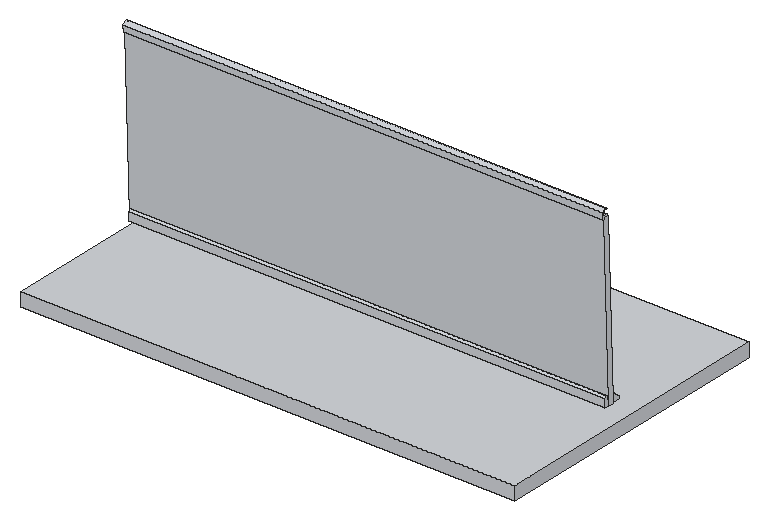
Revit family "F庇ポールなし", category 一般モデル, Revit 2020
Family settings
  ホスト = 面
  鉄筋をホスト可能 = いいえ
  丸型コネクタ寸法 = 直径を使用
  パーツ タイプ = 標準
  ロード時にボイドで切り取り = いいえ
  共有 = いいえ
  部屋計算ポイント = いいえ
Parameters
  警告：長さL [instance] = or(F庇L寸法 < 600.000 mm, F庇L寸法 > 15000.000 mm)  # no
  警告：出幅D [instance] = yes
  説明 = "グロンダートの顔ともいえる、重厚で風格に満ちたFシリーズの出幅が250～3,000（ポール付き）mmまで幅広く対応。"  # constant formula
  製造元 = "株式会社ツヅキ"  # constant formula
  断面図表記 先端樋なし = no
  断面図表記 先端樋あり = yes
  断面図表記 上部ブラケット大 = yes
  先端樋なし [instance] = no
  先端樋あり [instance] = yes
  上部ブラケット小 [instance] = no
  上部ブラケット大 [instance] = yes
  モデル = "グロンダート　Fシリーズ（サポートポールなし）"  # constant formula
  URL = "https://tuzuki.co.jp/products/#gd"
  実F庇D寸法 [instance] = if(F庇D寸法 < 600.000 mm, 600.000 mm, if(F庇D寸法 > 1501.000 mm, 1500.000 mm, F庇D寸法))  # 1500.000 mm
  既定の高さ = 1219.200 mm
  断面図表記 上部ブラケット小 = no
  F庇L寸法 [instance] = 4000.000 mm
  庇 色 [instance] = アルミニウム 6063S-T5 シルバー(R) (株)ツヅキ
  F庇D寸法 [instance] = 2000.000 mm
  本体パネル長さ [instance] = (実F庇D寸法) / cos(2.00°) - 7.675 mm - 66.400 mm  # 1426.839 mm
  パネル吊元-躯体間 = 7.710 mm
  A [instance] = F庇L寸法 - 26.000 mm  # 3974.000 mm
Reference planes
  plane 1 "中心(正面/背面)": y = 0
  plane 2: z = 0
  plane 3 "中心(左/右)": x = 0
  plane 4: x = -2000
  plane 5: x = 2000
  plane 6: through (0, -0.753, 7.541) normal (0, -0.9994, -0.0349)
  plane 7: through (0, -17.243, 6.965) normal (0, 0.9994, 0.0349)
  plane 8: through (0, 17.734, 8.221) normal (0, 0.9994, 0.0349)
  plane 9 "パネル根本": through (0, -16.411, 7.058) normal (0, -0.0349, 0.9994)
  plane 10: through (0, -21.869, -0.812) normal (0, 0.0349, -0.9994)
  plane 11 "パネル先端": through (0, -66.045, 1433.034) normal (0, -0.0349, 0.9994)
  plane 12: z = 1500
  plane 13: x = -1987
  plane 14: x = 1987
Forms (mm)
  Extrusion 1, solid
    sketch origin (0, 0, 0) x (1, 0, 0) y (0, 1, 0)
      loop
        line (-1950, 1219.2) -> (-1950, -1219.2) -> (2172.788, -1219.2) -> (2172.788, 1219.2) -> (-1950, 1219.2)
    from 0 to -114.28
Lines and regions (mm)
  model lines, style "SHAPE", not visible
    curve 1: arc (0, 112.002, 62.765) -> (0, 111.929, 62.838) -> (0, 111.902, 62.938) r 0.2
    curve 2: arc (0, 111.902, 65.292) -> (0, 111.99, 65.504) -> (0, 112.202, 65.592) r 0.3
    curve 3: arc (0, 113.636, 65.592) -> (0, 113.742, 65.573) -> (0, 113.834, 65.517) r 0.3
    curve 4: arc (0, 184.202, 3.531) -> (0, 184.354, 3.022) -> (0, 183.962, 2.664) r 0.5
    curve 5: arc (0, 172.953, 0.64) -> (0, 172.185, 0.925) -> (0, 172.07, 1.735) r 0.8
    curve 6: arc (0, 172.07, 1.735) -> (0, 171.883, 4.422) -> (0, 169.615, 5.876) r 3
    curve 7: arc (0, 169.615, 5.876) -> (0, 169.483, 5.86) -> (0, 169.371, 5.789) r 0.3
    curve 8: arc (0, 168.843, 5.262) -> (0, 168.777, 4.875) -> (0, 169.119, 4.683) r 0.34
    curve 9: arc (0, 169.119, 4.683) -> (0, 170.575, 1.619) -> (0, 167.512, 3.076) r 1.8
    curve 10: arc (0, 167.512, 3.076) -> (0, 167.319, 3.418) -> (0, 166.933, 3.351) r 0.34
    curve 11: arc (0, 166.405, 2.823) -> (0, 166.334, 2.711) -> (0, 166.319, 2.58) r 0.3
    curve 12: arc (0, 166.319, 2.58) -> (0, 167.784, 0.305) -> (0, 170.485, 0.135) r 3
    curve 13: arc (0, 170.485, 0.135) -> (0, 171.228, 0.076) -> (0, 171.6, -0.57) r 0.8
    curve 14: arc (0, 172.084, -13.626) -> (0, 172.236, -13.968) -> (0, 172.583, -14.108) r 0.5
    curve 15: arc (0, 172.991, -14.108) -> (0, 173.207, -14.016) -> (0, 173.291, -13.797) r 0.3
    curve 16: arc (0, 173.025, -6.627) -> (0, 172.979, -6.479) -> (0, 172.866, -6.373) r 0.3
    curve 17: arc (0, 172.866, -6.373) -> (0, 172.706, -6.119) -> (0, 172.846, -5.854) r 0.3
    curve 18: arc (0, 172.846, -5.854) -> (0, 172.952, -5.74) -> (0, 172.987, -5.589) r 0.3
    curve 19: arc (0, 172.818, -1.04) -> (0, 172.928, -0.709) -> (0, 173.228, -0.53) r 0.5
    curve 20: arc (0, 186.156, 1.847) -> (0, 186.333, 1.95) -> (0, 186.402, 2.142) r 0.3
    curve 21: arc (0, 186.402, 2.74) -> (0, 186.314, 3.152) -> (0, 186.063, 3.491) r 1
    curve 22: arc (0, 114.486, 66.542) -> (0, 114.178, 66.728) -> (0, 113.825, 66.792) r 1
    curve 23: arc (0, 111.002, 66.792) -> (0, 110.79, 66.704) -> (0, 110.702, 66.492) r 0.3
    curve 24: arc (0, 110.702, 53.592) -> (0, 110.614, 53.38) -> (0, 110.402, 53.292) r 0.3
    curve 25: arc (0, 105.297, 53.292) -> (0, 105.207, 53.278) -> (0, 105.125, 53.238) r 0.3
    curve 26: arc (0, 104.374, 52.712) -> (0, 104.202, 52.658) -> (0, 104.03, 52.712) r 0.3
    curve 27: arc (0, 103.28, 53.238) -> (0, 103.198, 53.278) -> (0, 103.108, 53.292) r 0.3
    curve 28: arc (0, 98.502, 53.292) -> (0, 98.29, 53.204) -> (0, 98.202, 52.992) r 0.3
    curve 29: arc (0, 98.202, 52.892) -> (0, 98.419, 52.344) -> (0, 98.952, 52.094) r 0.8
    curve 30: arc (0, 98.952, 52.094) -> (0, 99.118, 52.031) -> (0, 99.219, 51.887) r 0.3
    curve 31: arc (0, 100.429, 48.176) -> (0, 100.742, 47.716) -> (0, 101.252, 47.494) r 1
    curve 32: arc (0, 101.252, 47.494) -> (0, 101.522, 47.601) -> (0, 101.576, 47.885) r 0.3
    curve 33: arc (0, 100.418, 51.437) -> (0, 100.488, 51.886) -> (0, 100.893, 52.092) r 0.5
    curve 34: arc (0, 102.729, 52.092) -> (0, 102.82, 52.078) -> (0, 102.901, 52.038) r 0.3
    curve 35: arc (0, 103.747, 51.446) -> (0, 103.828, 51.406) -> (0, 103.919, 51.392) r 0.3
    curve 36: arc (0, 104.486, 51.392) -> (0, 104.576, 51.406) -> (0, 104.658, 51.446) r 0.3
    curve 37: arc (0, 105.503, 52.038) -> (0, 105.585, 52.078) -> (0, 105.675, 52.092) r 0.3
    curve 38: arc (0, 107.453, 52.092) -> (0, 107.867, 51.872) -> (0, 107.917, 51.406) r 0.5
    curve 39: arc (0, 107.917, 51.406) -> (0, 107.953, 49.091) -> (0, 109.628, 47.491) r 3
    curve 40: arc (0, 109.628, 47.491) -> (0, 109.759, 47.472) -> (0, 109.886, 47.511) r 0.3
    curve 41: arc (0, 110.532, 47.884) -> (0, 110.697, 48.241) -> (0, 110.416, 48.515) r 0.34
    curve 42: arc (0, 110.416, 48.515) -> (0, 109.802, 51.851) -> (0, 112.384, 49.651) r 1.8
    curve 43: arc (0, 112.384, 49.651) -> (0, 112.482, 49.271) -> (0, 112.872, 49.236) r 0.34
    curve 44: arc (0, 113.519, 49.609) -> (0, 113.616, 49.699) -> (0, 113.665, 49.822) r 0.3
    curve 45: arc (0, 113.665, 49.822) -> (0, 113.376, 51.653) -> (0, 112.066, 52.964) r 3
    curve 46: arc (0, 112.066, 52.964) -> (0, 111.946, 53.075) -> (0, 111.902, 53.231) r 0.3
    curve 47: arc (0, 111.902, 56.646) -> (0, 111.929, 56.746) -> (0, 112.002, 56.819) r 0.2
    curve 48: arc (0, 112.002, 56.819) -> (0, 112.075, 56.892) -> (0, 112.102, 56.992) r 0.2
    curve 49: arc (0, 112.102, 58.592) -> (0, 112.075, 58.692) -> (0, 112.002, 58.765) r 0.2
    curve 50: arc (0, 112.002, 58.765) -> (0, 111.929, 58.838) -> (0, 111.902, 58.938) r 0.2
    curve 51: arc (0, 111.902, 60.646) -> (0, 111.929, 60.746) -> (0, 112.002, 60.819) r 0.2
    curve 52: arc (0, 112.002, 60.819) -> (0, 112.075, 60.892) -> (0, 112.102, 60.992) r 0.2
    curve 53: arc (0, 112.102, 62.592) -> (0, 112.075, 62.692) -> (0, 112.002, 62.765) r 0.2
    curve 54: line (0, 111.902, 62.938) -> (0, 111.902, 65.292)
    curve 55: line (0, 112.202, 65.592) -> (0, 113.636, 65.592)
    curve 56: line (0, 113.834, 65.517) -> (0, 184.202, 3.531)
    curve 57: line (0, 183.962, 2.664) -> (0, 172.953, 0.64)
    curve 58: line (0, 169.371, 5.789) -> (0, 168.843, 5.262)
    curve 59: line (0, 166.933, 3.351) -> (0, 166.405, 2.823)
    curve 60: line (0, 171.6, -0.57) -> (0, 172.084, -13.626)
    curve 61: line (0, 172.583, -14.108) -> (0, 172.991, -14.108)
    curve 62: line (0, 173.291, -13.797) -> (0, 173.025, -6.627)
    curve 63: line (0, 172.987, -5.589) -> (0, 172.818, -1.04)
    curve 64: line (0, 173.228, -0.53) -> (0, 186.156, 1.847)
    curve 65: line (0, 186.402, 2.142) -> (0, 186.402, 2.74)
    curve 66: line (0, 186.063, 3.491) -> (0, 114.486, 66.542)
    curve 67: line (0, 113.825, 66.792) -> (0, 111.002, 66.792)
    curve 68: line (0, 110.702, 66.492) -> (0, 110.702, 53.592)
    curve 69: line (0, 110.402, 53.292) -> (0, 105.297, 53.292)
    curve 70: line (0, 105.125, 53.238) -> (0, 104.374, 52.712)
    curve 71: line (0, 104.03, 52.712) -> (0, 103.28, 53.238)
    curve 72: line (0, 103.108, 53.292) -> (0, 98.502, 53.292)
    curve 73: line (0, 99.219, 51.887) -> (0, 100.429, 48.176)
    curve 74: line (0, 101.576, 47.885) -> (0, 100.418, 51.437)
    curve 75: line (0, 100.893, 52.092) -> (0, 102.729, 52.092)
    curve 76: line (0, 102.901, 52.038) -> (0, 103.747, 51.446)
    curve 77: line (0, 103.919, 51.392) -> (0, 104.486, 51.392)
    curve 78: line (0, 104.658, 51.446) -> (0, 105.503, 52.038)
    curve 79: line (0, 105.675, 52.092) -> (0, 107.453, 52.092)
    curve 80: line (0, 109.886, 47.511) -> (0, 110.532, 47.884)
    curve 81: line (0, 112.872, 49.236) -> (0, 113.519, 49.609)
    curve 82: line (0, 111.902, 53.231) -> (0, 111.902, 56.646)
    curve 83: line (0, 112.102, 56.992) -> (0, 112.102, 58.592)
    curve 84: line (0, 111.902, 58.938) -> (0, 111.902, 60.646)
    curve 85: line (0, 112.102, 60.992) -> (0, 112.102, 62.592)
Dimensions and locks
  "F庇L寸法": plane 5 to plane 4
  equal spacing: plane 5, plane 3 "中心(左/右)", plane 4
  plane 10 to plane 9 "パネル根本" = 7.675 mm
  "本体パネル長さ": plane 11 "パネル先端" to plane 9 "パネル根本"
  plane 8 to plane 6 to plane 7 = 18.500 mm, 16.500 mm
  equal spacing: plane 14, plane 3 "中心(左/右)", plane 13
  "A": plane 14 to plane 13
  "実F庇D寸法": plane 12 to level
  aligned and locked: Extrusion 1 to plane 2
  aligned and locked: level to Extrusion 1
  aligned and locked: plane 9 "パネル根本" to nested 1
  aligned and locked: nested 1 to plane 4
  aligned and locked: plane 5 to nested 1
  aligned and locked: plane 11 "パネル先端" to nested 1
  aligned and locked: nested 1 to plane 7
  aligned and locked: plane 6 to nested 2
  aligned and locked: nested 2 to plane 11 "パネル先端"
  aligned and locked: plane 4 to nested 2
  aligned and locked: plane 5 to nested 2
  aligned and locked: plane 1 "中心(正面/背面)" to nested 3
  aligned and locked: nested 3 to level
  aligned and locked: nested 3 to plane 13
Automatic sketch dimensions
  Extrusion 1 sketch curve to Extrusion 1 sketch curve = 4122.788 mm
  Extrusion 1 sketch curve to Extrusion 1 sketch curve = 2438.400 mm
Nested families
  nested 1: "パネル本体" at (0, 0.244, 7.64) x (1, 0, 0) z (0, -0.0349, 0.9994), パネル長さ <- "本体パネル長さ", type "パネル本体"
    with パネル長さ 1426.839 mm, L 4000.000 mm
  nested 2: "樋" at (0, -50.551, 1433.575) x (1, 0, 0) z (0, -0.0349, 0.9994), 先端樋あり <- "先端樋あり", 先端樋なし <- "先端樋なし", type "樋あり"
    with 先端樋なし no, 先端樋あり yes, 断面図表記 先端樋なし no, L 4000.000 mm
  nested 3: "上部ブラケット" at (0, 0, 0), 上部ブラケット小 <- "上部ブラケット小", 上部ブラケット大 <- "上部ブラケット大", type "上部ブラケット大"
    with 上部ブラケット小 no, 上部ブラケット大 yes, 断面図表記 上部ブラケット小 no, 断面図表記 上部ブラケット大 yes, L 3974.000 mm
  nested 4: "注意表示" at (241.036, -922.225, 0), type "F庇ポール付き D600-3000"
Definition of nested family "パネル本体"
  Parameters (values of type "パネル本体")
    Default Elevation = 1219.200 mm
    庇 色 = none
    パネル長さ [instance] = 2500.000 mm
    L = 2800.000 mm
  Reference planes
    plane 1 "中心(正面/背面)": y = 0
    plane 2: z = 0
    plane 3 "中心(左/右)": x = 0
    plane 4: y = -17.5
    plane 5: y = 17.5
    plane 6: z = 2500
    plane 7: x = -1400
    plane 8: x = 1400
  Forms (mm)
    Extrusion 1, solid
      sketch origin (0, 0, 0) x (1, 0, 0) y (0, 1, 0)
        loop
          line (-1950, 1219.2) -> (-1950, -1219.2) -> (2172.788, -1219.2) -> (2172.788, 1219.2) -> (-1950, 1219.2)
      from 0 to -114.28
    Extrusion 2, solid, material <- "庇 色"
      sketch origin (0, 0, 0) x (0, 1, 0) y (0, 0, 1)
        loop
          line (-17.5, 0) -> (17.5, 0) -> (17.5, 2500) -> (-17.5, 2500) -> (-17.5, 0)
      from -1400 to 1400
  Lines and regions (mm)
    model lines, not visible
      curve 1: arc (0, 112.002, 62.765) -> (0, 111.929, 62.838) -> (0, 111.902, 62.938) r 0.2
      curve 2: arc (0, 111.902, 65.292) -> (0, 111.99, 65.504) -> (0, 112.202, 65.592) r 0.3
      curve 3: arc (0, 113.636, 65.592) -> (0, 113.742, 65.573) -> (0, 113.834, 65.517) r 0.3
      curve 4: arc (0, 184.202, 3.531) -> (0, 184.354, 3.022) -> (0, 183.962, 2.664) r 0.5
      curve 5: arc (0, 172.953, 0.64) -> (0, 172.185, 0.925) -> (0, 172.07, 1.735) r 0.8
      curve 6: arc (0, 172.07, 1.735) -> (0, 171.883, 4.422) -> (0, 169.615, 5.876) r 3
      curve 7: arc (0, 169.615, 5.876) -> (0, 169.483, 5.86) -> (0, 169.371, 5.789) r 0.3
      curve 8: arc (0, 168.843, 5.262) -> (0, 168.777, 4.875) -> (0, 169.119, 4.683) r 0.34
      curve 9: arc (0, 169.119, 4.683) -> (0, 170.575, 1.619) -> (0, 167.512, 3.076) r 1.8
      curve 10: arc (0, 167.512, 3.076) -> (0, 167.319, 3.418) -> (0, 166.933, 3.351) r 0.34
      curve 11: arc (0, 166.405, 2.823) -> (0, 166.334, 2.711) -> (0, 166.319, 2.58) r 0.3
      curve 12: arc (0, 166.319, 2.58) -> (0, 167.784, 0.305) -> (0, 170.485, 0.135) r 3
      curve 13: arc (0, 170.485, 0.135) -> (0, 171.228, 0.076) -> (0, 171.6, -0.57) r 0.8
      curve 14: arc (0, 172.084, -13.626) -> (0, 172.236, -13.968) -> (0, 172.583, -14.108) r 0.5
      curve 15: arc (0, 172.991, -14.108) -> (0, 173.207, -14.016) -> (0, 173.291, -13.797) r 0.3
      curve 16: arc (0, 173.025, -6.627) -> (0, 172.979, -6.479) -> (0, 172.866, -6.373) r 0.3
      curve 17: arc (0, 172.866, -6.373) -> (0, 172.706, -6.119) -> (0, 172.846, -5.854) r 0.3
      curve 18: arc (0, 172.846, -5.854) -> (0, 172.952, -5.74) -> (0, 172.987, -5.589) r 0.3
      curve 19: arc (0, 172.818, -1.04) -> (0, 172.928, -0.709) -> (0, 173.228, -0.53) r 0.5
      curve 20: arc (0, 186.156, 1.847) -> (0, 186.333, 1.95) -> (0, 186.402, 2.142) r 0.3
      curve 21: arc (0, 186.402, 2.74) -> (0, 186.314, 3.152) -> (0, 186.063, 3.491) r 1
      curve 22: arc (0, 114.486, 66.542) -> (0, 114.178, 66.728) -> (0, 113.825, 66.792) r 1
      curve 23: arc (0, 111.002, 66.792) -> (0, 110.79, 66.704) -> (0, 110.702, 66.492) r 0.3
      curve 24: arc (0, 110.702, 53.592) -> (0, 110.614, 53.38) -> (0, 110.402, 53.292) r 0.3
      curve 25: arc (0, 105.297, 53.292) -> (0, 105.207, 53.278) -> (0, 105.125, 53.238) r 0.3
      curve 26: arc (0, 104.374, 52.712) -> (0, 104.202, 52.658) -> (0, 104.03, 52.712) r 0.3
      curve 27: arc (0, 103.28, 53.238) -> (0, 103.198, 53.278) -> (0, 103.108, 53.292) r 0.3
      curve 28: arc (0, 98.502, 53.292) -> (0, 98.29, 53.204) -> (0, 98.202, 52.992) r 0.3
      curve 29: arc (0, 98.202, 52.892) -> (0, 98.419, 52.344) -> (0, 98.952, 52.094) r 0.8
      curve 30: arc (0, 98.952, 52.094) -> (0, 99.118, 52.031) -> (0, 99.219, 51.887) r 0.3
      curve 31: arc (0, 100.429, 48.176) -> (0, 100.742, 47.716) -> (0, 101.252, 47.494) r 1
      curve 32: arc (0, 101.252, 47.494) -> (0, 101.522, 47.601) -> (0, 101.576, 47.885) r 0.3
      curve 33: arc (0, 100.418, 51.437) -> (0, 100.488, 51.886) -> (0, 100.893, 52.092) r 0.5
      curve 34: arc (0, 102.729, 52.092) -> (0, 102.82, 52.078) -> (0, 102.901, 52.038) r 0.3
      curve 35: arc (0, 103.747, 51.446) -> (0, 103.828, 51.406) -> (0, 103.919, 51.392) r 0.3
      curve 36: arc (0, 104.486, 51.392) -> (0, 104.576, 51.406) -> (0, 104.658, 51.446) r 0.3
      curve 37: arc (0, 105.503, 52.038) -> (0, 105.585, 52.078) -> (0, 105.675, 52.092) r 0.3
      curve 38: arc (0, 107.453, 52.092) -> (0, 107.867, 51.872) -> (0, 107.917, 51.406) r 0.5
      curve 39: arc (0, 107.917, 51.406) -> (0, 107.953, 49.091) -> (0, 109.628, 47.491) r 3
      curve 40: arc (0, 109.628, 47.491) -> (0, 109.759, 47.472) -> (0, 109.886, 47.511) r 0.3
      curve 41: arc (0, 110.532, 47.884) -> (0, 110.697, 48.241) -> (0, 110.416, 48.515) r 0.34
      curve 42: arc (0, 110.416, 48.515) -> (0, 109.802, 51.851) -> (0, 112.384, 49.651) r 1.8
      curve 43: arc (0, 112.384, 49.651) -> (0, 112.482, 49.271) -> (0, 112.872, 49.236) r 0.34
      curve 44: arc (0, 113.519, 49.609) -> (0, 113.616, 49.699) -> (0, 113.665, 49.822) r 0.3
      curve 45: arc (0, 113.665, 49.822) -> (0, 113.376, 51.653) -> (0, 112.066, 52.964) r 3
      curve 46: arc (0, 112.066, 52.964) -> (0, 111.946, 53.075) -> (0, 111.902, 53.231) r 0.3
      curve 47: arc (0, 111.902, 56.646) -> (0, 111.929, 56.746) -> (0, 112.002, 56.819) r 0.2
      curve 48: arc (0, 112.002, 56.819) -> (0, 112.075, 56.892) -> (0, 112.102, 56.992) r 0.2
      curve 49: arc (0, 112.102, 58.592) -> (0, 112.075, 58.692) -> (0, 112.002, 58.765) r 0.2
      curve 50: arc (0, 112.002, 58.765) -> (0, 111.929, 58.838) -> (0, 111.902, 58.938) r 0.2
      curve 51: arc (0, 111.902, 60.646) -> (0, 111.929, 60.746) -> (0, 112.002, 60.819) r 0.2
      curve 52: arc (0, 112.002, 60.819) -> (0, 112.075, 60.892) -> (0, 112.102, 60.992) r 0.2
      curve 53: arc (0, 112.102, 62.592) -> (0, 112.075, 62.692) -> (0, 112.002, 62.765) r 0.2
      curve 54: line (0, 111.902, 62.938) -> (0, 111.902, 65.292)
      curve 55: line (0, 112.202, 65.592) -> (0, 113.636, 65.592)
      curve 56: line (0, 113.834, 65.517) -> (0, 184.202, 3.531)
      curve 57: line (0, 183.962, 2.664) -> (0, 172.953, 0.64)
      curve 58: line (0, 169.371, 5.789) -> (0, 168.843, 5.262)
      curve 59: line (0, 166.933, 3.351) -> (0, 166.405, 2.823)
      curve 60: line (0, 171.6, -0.57) -> (0, 172.084, -13.626)
      curve 61: line (0, 172.583, -14.108) -> (0, 172.991, -14.108)
      curve 62: line (0, 173.291, -13.797) -> (0, 173.025, -6.627)
      curve 63: line (0, 172.987, -5.589) -> (0, 172.818, -1.04)
      curve 64: line (0, 173.228, -0.53) -> (0, 186.156, 1.847)
      curve 65: line (0, 186.402, 2.142) -> (0, 186.402, 2.74)
      curve 66: line (0, 186.063, 3.491) -> (0, 114.486, 66.542)
      curve 67: line (0, 113.825, 66.792) -> (0, 111.002, 66.792)
      curve 68: line (0, 110.702, 66.492) -> (0, 110.702, 53.592)
      curve 69: line (0, 110.402, 53.292) -> (0, 105.297, 53.292)
      curve 70: line (0, 105.125, 53.238) -> (0, 104.374, 52.712)
      curve 71: line (0, 104.03, 52.712) -> (0, 103.28, 53.238)
      curve 72: line (0, 103.108, 53.292) -> (0, 98.502, 53.292)
      curve 73: line (0, 99.219, 51.887) -> (0, 100.429, 48.176)
      curve 74: line (0, 101.576, 47.885) -> (0, 100.418, 51.437)
      curve 75: line (0, 100.893, 52.092) -> (0, 102.729, 52.092)
      curve 76: line (0, 102.901, 52.038) -> (0, 103.747, 51.446)
      curve 77: line (0, 103.919, 51.392) -> (0, 104.486, 51.392)
      curve 78: line (0, 104.658, 51.446) -> (0, 105.503, 52.038)
      curve 79: line (0, 105.675, 52.092) -> (0, 107.453, 52.092)
      curve 80: line (0, 109.886, 47.511) -> (0, 110.532, 47.884)
      curve 81: line (0, 112.872, 49.236) -> (0, 113.519, 49.609)
      curve 82: line (0, 111.902, 53.231) -> (0, 111.902, 56.646)
      curve 83: line (0, 112.102, 56.992) -> (0, 112.102, 58.592)
      curve 84: line (0, 111.902, 58.938) -> (0, 111.902, 60.646)
      curve 85: line (0, 112.102, 60.992) -> (0, 112.102, 62.592)
  Dimensions and locks
    equal spacing: plane 4, plane 1 "中心(正面/背面)", plane 5
    plane 4 to plane 5 = 35.000 mm
    "パネル長さ": plane 6 to level
    equal spacing: plane 7, plane 3 "中心(左/右)", plane 8
    "L": plane 7 to plane 8
    aligned and locked: Extrusion 1 to plane 2
    aligned and locked: level to Extrusion 1
    aligned and locked: Extrusion 2 sketch curve to level
    aligned and locked: plane 6 to Extrusion 2 sketch curve
    aligned and locked: plane 8 to Extrusion 2
    aligned and locked: Extrusion 2 to plane 7
    aligned and locked: Extrusion 2 to plane 4
    aligned and locked: Extrusion 2 to plane 5
  Automatic sketch dimensions
    Extrusion 1 sketch curve to Extrusion 1 sketch curve = 4122.788 mm
    Extrusion 1 sketch curve to Extrusion 1 sketch curve = 2438.400 mm
    Extrusion 2 sketch curve to plane 4 = 0.000 mm
    Extrusion 2 sketch curve to plane 5 = 0.000 mm
Definition of nested family "樋"
  Parameters (values of type "樋なし")
    色 = none
    Default Elevation = 1219.200 mm
    断面図表記 先端樋あり = yes
    断面図表記 先端樋なし = yes
    先端樋なし [instance] = no
    先端樋あり [instance] = yes
    L = 3500.000 mm
  Types (3, lengths in mm): name | 先端樋なし
    (no name) | no
    樋なし | no
    樋あり | yes
  Reference planes
    plane 1 "中心(正面/背面)": y = 0
    plane 2: z = 0
    plane 3 "中心(左/右)": x = 0
    plane 4: x = -1750
    plane 5: x = 1750
  Forms (mm)
    Extrusion 1, solid
      sketch origin (0, 0, 0) x (1, 0, 0) y (0, 1, 0)
        loop
          line (-1219.2, 1219.2) -> (-1219.2, -1219.2) -> (1219.2, -1219.2) -> (1219.2, 1219.2) -> (-1219.2, 1219.2)
      from 0 to -304.8
    Extrusion 2, solid, material <- "色", visible <- "先端樋なし"
      sketch origin (0, 0, 0) x (0, 1, 0) y (0, 0, 1)
        loop
          line (4.561, 64.838) -> (-31.5, 50) -> (-31.5, -7) -> (-17.936, -9.906) -> (-17.936, 0) -> (17.998, 0) -> (7.513, 63.194)
          arc (7.513, 63.194) -> (6.434, 64.727) -> (4.561, 64.838) r 2.159
      from -1750 to 1750
    Extrusion 3, solid, material <- "色", visible <- "先端樋あり"
      sketch origin (0, 0, -2.106) x (0, 1, 0) y (0, 0, 1)
        loop
          line (6.849, 65.779) -> (-31.5, 50) -> (-31.5, -7) -> (-17, -10.107) -> (-17, 2.106) -> (17.657, 2.106) -> (15.303, 15.5) -> (-29.5, 15.5) -> (-29.5, 48.66) -> (5.726, 63.695) -> (6.972, 57.286) -> (8.445, 57.573) -> (6.849, 65.779)
      from -1750 to 1750
  Dimensions and locks
    equal spacing: plane 4, plane 3 "中心(左/右)", plane 5
    "L": plane 4 to plane 5
    aligned and locked: plane 2 to Extrusion 1
    aligned and locked: level to Extrusion 1
    aligned and locked: plane 5 to Extrusion 2
    aligned and locked: Extrusion 2 to plane 4
    aligned and locked: level to import instance
    aligned and locked: import instance to Extrusion 1
    aligned and locked: Extrusion 3 to Extrusion 1
    aligned and locked: Extrusion 3 to plane 4
    aligned and locked: plane 5 to Extrusion 3
  Automatic sketch dimensions
    Extrusion 1 sketch curve to Extrusion 1 sketch curve = 2438.400 mm  (x2)
    Extrusion 2 sketch curve to level = 0.000 mm
    plane 1 "中心(正面/背面)" to Extrusion 2 sketch curve = 17.936 mm
    plane 1 "中心(正面/背面)" to Extrusion 2 sketch curve = 31.500 mm
    Extrusion 2 sketch curve to level = 7.000 mm
    Extrusion 2 sketch curve to level = 9.906 mm
    level to Extrusion 2 sketch curve = 50.000 mm
    Extrusion 2 sketch curve to Extrusion 2 sketch curve = 2.130 mm
    Extrusion 2 sketch curve to Extrusion 2 sketch curve = 12.841 mm
    Extrusion 2 sketch curve to plane 1 "中心(正面/背面)" = 4.561 mm
    Extrusion 2 sketch curve to Extrusion 2 sketch curve = 0.822 mm
    Extrusion 2 sketch curve to Extrusion 2 sketch curve = 1.997 mm
    Extrusion 2 sketch curve to plane 1 "中心(正面/背面)" = 17.998 mm
    plane 1 "中心(正面/背面)" to Extrusion 3 sketch curve = 31.500 mm
    Extrusion 3 sketch curve to Extrusion 3 sketch curve = 2.000 mm
    Extrusion 3 sketch curve to level = 0.000 mm
    Extrusion 3 sketch curve to Extrusion 3 sketch curve = 14.500 mm
    Extrusion 3 sketch curve to Extrusion 3 sketch curve = 35.226 mm
    Extrusion 3 sketch curve to Extrusion 3 sketch curve = 1.123 mm
    Extrusion 3 sketch curve to Extrusion 3 sketch curve = 1.247 mm
    level to Extrusion 3 sketch curve = 55.466 mm
    Extrusion 3 sketch curve to Extrusion 3 sketch curve = 1.472 mm
    level to Extrusion 3 sketch curve = 13.394 mm
    Extrusion 3 sketch curve to Extrusion 3 sketch curve = 32.303 mm
    Extrusion 3 sketch curve to Extrusion 3 sketch curve = 2.354 mm
    Extrusion 3 sketch curve to level = 9.106 mm
    Extrusion 3 sketch curve to Extrusion 3 sketch curve = 12.214 mm
    Extrusion 3 sketch curve to Extrusion 3 sketch curve = 33.160 mm
    Extrusion 3 sketch curve to Extrusion 3 sketch curve = 1.340 mm
    Extrusion 3 sketch curve to Extrusion 3 sketch curve = 0.286 mm
    Extrusion 3 sketch curve to Extrusion 3 sketch curve = 2.084 mm
Definition of nested family "上部ブラケット"
  Parameters (values of type "上部ブラケット大")
    色 = none
    Default Elevation = 1219.200 mm
    断面図表記 上部ブラケット小 = yes
    断面図表記 上部ブラケット大 = no
    上部ブラケット小 [instance] = yes
    上部ブラケット大 [instance] = no
    L = 3474.000 mm
  Types (3): name
    (no name)
    上部ブラケット大
    上部ブラケット小
  Reference planes
    plane 1 "中心(正面/背面)": y = 0
    plane 2: z = 0
    plane 3 "中心(左/右)": x = 0
    plane 4: x = -1737
    plane 5: x = 1737
  Forms (mm)
    Extrusion 1, solid
      sketch origin (0, 0, 0) x (1, 0, 0) y (0, 1, 0)
        loop
          line (-1219.2, 1219.2) -> (-1219.2, -1219.2) -> (1219.2, -1219.2) -> (1219.2, 1219.2) -> (-1219.2, 1219.2)
      from 0 to -304.8
    Extrusion 2, solid, material <- "色", visible <- "上部ブラケット大"
      sketch origin (0, 0, 0) x (0, 1, 0) y (0, 0, 1)
        loop
          line (-21.907, 80.395) -> (-43, 64) -> (-43, 0) -> (105, 0) -> (105, 18.948)
          arc (105, 18.948) -> (104.911, 19.36) -> (104.661, 19.699) r 1
          line (104.661, 19.699) -> (32.8, 83) -> (29.3, 83) -> (-21.907, 80.395)
      from -1737 to 1737
    Extrusion 3, solid, material <- "色", visible <- "上部ブラケット小"
      sketch origin (0, 0, 0) x (0, 1, 0) y (0, 0, 1)
        loop
          line (-43, 64) -> (-43, 0) -> (55.954, 0) -> (55.954, 19.124) -> (36.12, 82.3)
          arc (36.12, 82.3) -> (35.758, 82.806) -> (35.166, 83) r 1
          line (35.166, 83) -> (29.4, 83) -> (-21.907, 80.395) -> (-43, 64)
      from -1737 to 1737
  Dimensions and locks
    equal spacing: plane 4, plane 3 "中心(左/右)", plane 5
    "L": plane 4 to plane 5
    aligned and locked: plane 2 to Extrusion 1
    aligned and locked: level to Extrusion 1
    aligned and locked: plane 5 to Extrusion 2
    aligned and locked: Extrusion 2 to plane 4
    aligned and locked: import instance to level
    aligned and locked: Extrusion 3 to level
    aligned and locked: Extrusion 2 to Extrusion 3
    aligned and locked: Extrusion 3 to Extrusion 2
  Automatic sketch dimensions
    Extrusion 1 sketch curve to Extrusion 1 sketch curve = 2438.400 mm  (x2)
    Extrusion 2 sketch curve to level = 0.000 mm
    plane 1 "中心(正面/背面)" to Extrusion 2 sketch curve = 43.000 mm
    plane 1 "中心(正面/背面)" to Extrusion 2 sketch curve = 21.907 mm
    Extrusion 2 sketch curve to plane 1 "中心(正面/背面)" = 29.300 mm
    Extrusion 2 sketch curve to Extrusion 2 sketch curve = 3.500 mm
    level to Extrusion 2 sketch curve = 18.948 mm
    Extrusion 2 sketch curve to Extrusion 2 sketch curve = 71.200 mm
    level to Extrusion 2 sketch curve = 19.699 mm
    Extrusion 2 sketch curve to Extrusion 2 sketch curve = 0.661 mm
    Extrusion 2 sketch curve to Extrusion 2 sketch curve = 64.000 mm
    Extrusion 2 sketch curve to Extrusion 2 sketch curve = 16.395 mm
    Extrusion 2 sketch curve to Extrusion 2 sketch curve = 2.605 mm
    Extrusion 3 sketch curve to level = 0.000 mm
    plane 1 "中心(正面/背面)" to Extrusion 3 sketch curve = 43.000 mm
    level to Extrusion 3 sketch curve = 80.395 mm
    Extrusion 3 sketch curve to Extrusion 3 sketch curve = 21.093 mm
    Extrusion 3 sketch curve to Extrusion 3 sketch curve = 51.307 mm
    Extrusion 3 sketch curve to Extrusion 3 sketch curve = 5.766 mm
    level to Extrusion 3 sketch curve = 82.300 mm
    Extrusion 3 sketch curve to Extrusion 3 sketch curve = 0.954 mm
    Extrusion 3 sketch curve to Extrusion 3 sketch curve = 20.788 mm
    level to Extrusion 3 sketch curve = 19.124 mm
    Extrusion 3 sketch curve to Extrusion 3 sketch curve = 16.395 mm
    Extrusion 3 sketch curve to Extrusion 3 sketch curve = 0.300 mm
Definition of nested family "注意表示"
  Parameters (values of type "F庇ポール付き D600-3000")
    警告文表示 = if(or(警告：出幅D, 警告：長さL, 警告3, 警告4, 警告5, 警告6), "【警告事項】", "")  # ""
    警告文2表示 = if(or(警告：出幅D, 警告：長さL, 警告3, 警告4, 警告5, 警告6), "ご不明な点につきましては弊社までお問い合わせください。", "")  # ""
    警告文1表示 = if(or(警告：出幅D, 警告：長さL, 警告3, 警告4, 警告5, 警告6), "庇L寸法が15000mmを超える場合は10mmのシーリング目地を設けて2分割としてください。", "")  # ""
    警告6 = no
    警告5 = no
    警告4 = no
    警告：出幅D = no
    警告3 = no
    警告：長さL = no
    注意文表示 = "【注意喚起】"  # constant formula
    注意文4 = "　　ご不明な点につきましては弊社までお問い合わせください。※※"  # constant formula
    注意文3 = "※※強度計算は物件ごとに行っております。ポール位置などモデルと異なる場合がございます。"  # constant formula
    注意文2 = "製作および取付不可能なオブジェクトが作成される恐れがございます。"  # constant formula
    注意文1 = "モデルの作成につきまして、適切な数値をご入力いただけない場合、"  # constant formula
    パラメーター6 = if(警告6, "", "")  # ""
    パラメーター5 = if(警告5, "", "")  # ""
    パラメーター4 = if(警告4, "", "")  # ""
    パラメーター3 = if(警告3, "", "")  # ""
    パラメーター2 = if(警告3, "", "")  # ""
    パラメーター1 = if(警告：長さL, "", "")  # ""
  Reference planes
    plane 1: y = 0
    plane 2: x = 0
  Text (mm)
    label "注意文表示\n注意文1\n注意文2\n注意文3\n注意文4\n警告文表示\n警告文1表示\n警告文2表示\nパラメーター1\nパラメーター2\nパラメーター3\nパラメーター4\nパラメーター5\nパラメーター6" at (-24.99, 13.041, 0), shows "注意文表示", "注意文1", "注意文2", "注意文3", "注意文4", "警告文表示", "警告文1表示", "警告文2表示", "パラメーター1", "パラメーター2", "パラメーター3", "パラメーター4", "パラメーター5", "パラメーター6"
